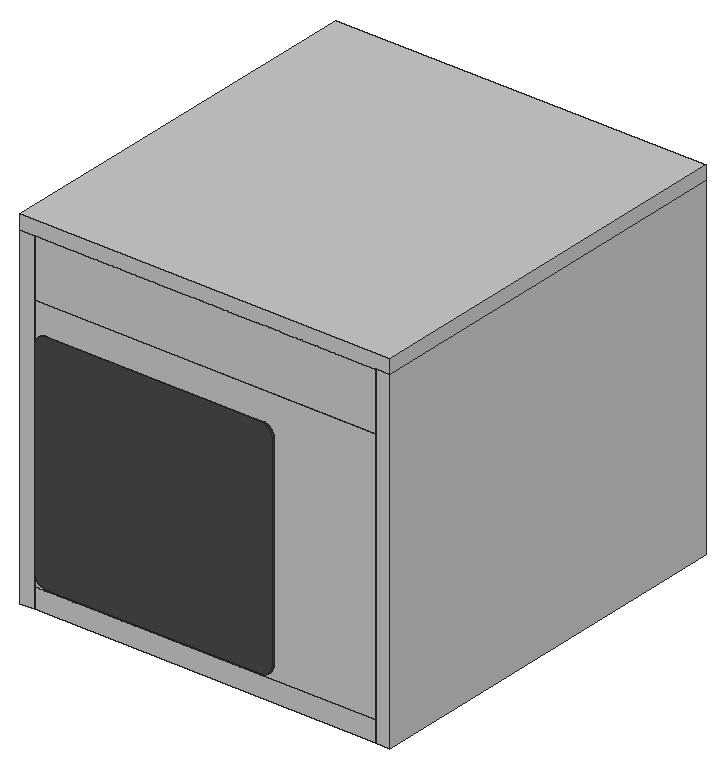
Revit family "QF_ZANUSSI_730289_IGF164I64SNP", category Attrezzature speciali, Revit 2018
Family settings
  Quota connettore circolare = Usa diametro
  Tipo di parte = Normale
  Basato su piano di lavoro = No
  Sempre verticale = Sì
  Taglio con vuoti quando caricato = No
  Condiviso = No
  Punto di calcolo locali = No
Parameters (values of type "Standard")
  Weight = 75.00 kg
  Watts = 0 W
  Volts = 220 V
  URL Manufacturer = "http://www.zanussiprofessional.com"
  URL = "http://www.zanussiprofessional.com"
  Steam Supply Size = 0 mm
  Steam Supply Minimum Pressure = 0.0 Pa
  Steam Supply Maximum Pressure = 0.0 Pa
  Steam Pounds per Hour = 0
  Show Logo [instance] = yes
  Show Clearance [instance] = yes
  Refrigeration Suction Line Size = 0 mm
  Refrigeration Liquid Line Size = 0 mm
  Refrigerant Compressor Remote = yes
  Produttore = "Zanussi"
  Phase = 1
  Modello = "IGF164I64SNP"
  Length Actual = 515 mm  # constant formula
  Item Number = "730289"
  Hot Water Size = 0 mm
  Height Actual = 1460 mm  # constant formula
  HP = "0 HP"
  Gas Size = 0 mm
  Gas KW = 0
  Gas Input Pressure = 0 W
  Descrizione = "AIR COOLED GRANULAR ICE 182KG/24H-BIN 60KG"
  Depth Actual = 550 mm  # constant formula
  Cycle = 50 Hz
  Condensate Return Size = 0 mm
  Compressed Air Volume = 0.0 L/s
  Compressed Air Size = 0 mm
  Compressed Air Pressure = 0.0 Pa
  Cold Water Size = 19.05 mm
  Accessory = yes
Reference planes
  plane 1 "Center X": y = 272.851
  plane 2: z = 0
  plane 3 "Center Y": x = -501.5
  plane 4 "LEFT": x = -759
  plane 5 "BACK": y = 547.851
  plane 6 "RIGHT": x = -244
  plane 7 "FRONT": y = -2.149
  plane 8 "TOP": z = 486
  plane 9: x = -739
  plane 10: x = -264
  plane 11: z = 28
  plane 12: z = 466
  plane 13: z = 386
Forms (mm)
  Extrusion 1, solid, material "QF_Finishes_Stainless Steel"
    sketch origin (0, 0, 0) x (1, 0, 0) y (0, 1, 0)
      loop
        line (-759, 547.851) -> (-759, -2.149) -> (-739, -2.149) -> (-739, 547.851) -> (-759, 547.851)
      loop
        line (-264, 547.851) -> (-264, -2.149) -> (-244, -2.149) -> (-244, 547.851) -> (-264, 547.851)
    from 0 to 466
  Extrusion 2, solid, material "QF_Finishes_Stainless Steel"
    sketch origin (0, 0, 0) x (1, 0, 0) y (0, 1, 0)
      loop
        line (-759, 547.851) -> (-759, -2.149) -> (-244, -2.149) -> (-244, 547.851) -> (-759, 547.851)
    from 466 to 486
  Extrusion 3, solid, material "QF_Finishes_Stainless Steel"
    sketch origin (0, 0, 0) x (1, 0, 0) y (0, 1, 0)
      loop
        line (-739, 547.851) -> (-739, -2.149) -> (-264, -2.149) -> (-264, 547.851) -> (-739, 547.851)
    from 0 to 28
  Extrusion 4, solid, material "QF_Finishes_Black"
    sketch origin (-264, -2.149, 0) x (-1, 0, 0) y (0, 0, -1)
      loop
        arc (457.5, -346) -> (468.107, -341.607) -> (472.5, -331) r 15
        line (472.5, -331) -> (472.5, -46.529)
        arc (472.5, -46.529) -> (468.107, -35.923) -> (457.5, -31.529) r 15
        line (457.5, -31.529) -> (156.771, -31.529)
        arc (156.771, -31.529) -> (146.165, -35.923) -> (141.771, -46.529) r 15
        line (141.771, -46.529) -> (141.771, -331)
        arc (141.771, -331) -> (146.165, -341.607) -> (156.771, -346) r 15
        line (156.771, -346) -> (457.5, -346)
    from 0 to 2
  Extrusion 5, solid, material "QF_Finishes_Stainless Steel"
    sketch origin (0, 0, 358) x (1, 0, 0) y (0, 1, 0)
      loop
        line (-739, 17.851) -> (-739, -2.149) -> (-264, -2.149) -> (-264, 17.851) -> (-739, 17.851)
    from 28 to 108
  Extrusion 6, solid, material "QF_Finishes_Stainless Steel"
    sketch origin (-501.5, 0, 0) x (0, 1, 0) y (0, 0, 1)
      loop
        line (547.851, 28) -> (547.851, 466) -> (17.851, 466) -> (17.851, 386) -> (-2.149, 386) -> (-2.149, 28) -> (547.851, 28)
    from -237.5 to 237.5
  Extrusion 7, solid, material "QF_Finishes_Stainless Steel"
    sketch origin (-530.119, 547.851, 466.153) x (0, 0, -1) y (-1, 0, 0)
      loop
        circle (415.153, -214.119) r 10
    from 0 to 10
  Extrusion 8, solid, material "QF_Finishes_Stainless Steel"
    sketch origin (-560.119, 547.851, 479.153) x (0, 0, -1) y (-1, 0, 0)
      loop
        circle (415.153, -214.119) r 10
    from 0 to 10
  Extrusion 9, solid, material "QF_Finishes_Stainless Steel"
    sketch origin (-570.119, 547.851, 454.153) x (0, 0, -1) y (-1, 0, 0)
      loop
        circle (415.153, -214.119) r 10
    from 0 to 10
Lines and regions (mm)
  Split face 1
    outline origin (-264, -2.149, 358) x (-1, 0, 0) y (0, 0, -1)
      loop
        line (111.166, -89.646) -> (111.166, -44.646) -> (36.166, -44.646) -> (36.166, -89.646) -> (111.166, -89.646)
  Split face 2
    outline origin (-264, -2.149, 358) x (-1, 0, 0) y (0, 0, -1)
      loop
        line (66.801, -84.104) -> (66.801, -49.914) -> (41.176, -49.914) -> (41.176, -84.104) -> (66.801, -84.104)
  symbolic lines
    curve 1: line (-759, 547.851, 0) -> (-244, 547.851, 0)
    curve 2: line (-759, -2.149, 0) -> (-759, 547.851, 0)
    curve 3: line (-244, -2.149, 0) -> (-759, -2.149, 0)
    curve 4: line (-244, 547.851, 0) -> (-244, -2.149, 0)
Dimensions and locks
  equal spacing: plane 4 "LEFT", plane 3 "Center Y", plane 6 "RIGHT"
  plane 4 "LEFT" to plane 6 "RIGHT" = 515 mm
  plane 5 "BACK" to plane 7 "FRONT" = 550 mm
  equal spacing: plane 5 "BACK", plane 1 "Center X", plane 7 "FRONT"
  plane 8 "TOP" to plane 2 = 486 mm
  locked: plane 4 "LEFT" to plane 9 at 20
  locked: plane 10 to plane 6 "RIGHT" at 20
  locked: plane 11 to plane 2 at 28
  locked: plane 8 "TOP" to plane 12 at 20
  locked: plane 12 to plane 13 at 80
  aligned and locked: level to plane 2
  aligned and locked: Extrusion 1 sketch curve to plane 5 "BACK"  (x2)
  aligned and locked: plane 4 "LEFT" to Extrusion 1 sketch curve
  aligned and locked: plane 7 "FRONT" to Extrusion 1 sketch curve  (x2)
  aligned and locked: Extrusion 1 sketch curve to plane 9
  aligned and locked: plane 10 to Extrusion 1 sketch curve
  aligned and locked: Extrusion 1 sketch curve to plane 6 "RIGHT"
  aligned and locked: plane 12 to Extrusion 1
  aligned and locked: Extrusion 2 sketch curve to Extrusion 1  (x4)
  aligned and locked: plane 8 "TOP" to Extrusion 2
  aligned and locked: Extrusion 2 to Extrusion 1
  aligned and locked: Extrusion 3 sketch curve to Extrusion 1  (x4)
  aligned and locked: plane 11 to Extrusion 3
  aligned and locked: Extrusion 6 sketch curve to plane 12
  aligned and locked: Extrusion 6 sketch curve to plane 5 "BACK"
  aligned and locked: plane 11 to Extrusion 6 sketch curve
  aligned and locked: plane 7 "FRONT" to Extrusion 6 sketch curve
  aligned and locked: Extrusion 6 sketch curve to plane 13
  aligned and locked: Extrusion 6 sketch curve to Extrusion 5
  aligned and locked: Extrusion 6 to plane 9
  aligned and locked: plane 10 to Extrusion 6
Automatic sketch dimensions
  curve 3 to plane 4 "LEFT" = 0 mm
  curve 3 to plane 6 "RIGHT" = 0 mm
  curve 3 to plane 7 "FRONT" = 0 mm
  curve 2 to plane 5 "BACK" = 0 mm
  plane 11 to Extrusion 4 sketch curve = 18.529 mm
  plane 3 "Center Y" to Extrusion 4 sketch curve = 95.729 mm
  plane 11 to Extrusion 4 sketch curve = 3.529 mm
  Extrusion 4 sketch curve to Extrusion 4 sketch curve = 15 mm
  plane 9 to Extrusion 4 sketch curve = 17.5 mm  (x2)
  plane 9 to Extrusion 4 sketch curve = 2.5 mm
  Extrusion 4 sketch curve to plane 13 = 55 mm
  Extrusion 5 sketch curve to plane 7 "FRONT" = 0 mm
  Extrusion 5 sketch curve to plane 9 = 0 mm
  Extrusion 5 sketch curve to plane 10 = 0 mm
  plane 7 "FRONT" to Extrusion 5 sketch curve = 20 mm
  Split face 1 sketch curve to Extrusion 5 = 36.166 mm
  Split face 1 sketch curve to Extrusion 5 = 16.646 mm
  Split face 1 sketch curve to Split face 1 sketch curve = 75 mm
  Split face 1 sketch curve to Extrusion 5 = 18.354 mm
  Split face 2 sketch curve to Extrusion 5 = 41.176 mm
  Split face 2 sketch curve to Split face 2 sketch curve = 25.625 mm
  Split face 2 sketch curve to Extrusion 5 = 23.896 mm
  Split face 2 sketch curve to Extrusion 5 = 21.914 mm
  Extrusion 6 to Extrusion 7 sketch curve = 23 mm
  Extrusion 6 to Extrusion 7 sketch curve = 52 mm
  Extrusion 6 to Extrusion 8 sketch curve = 36 mm
  Extrusion 6 to Extrusion 8 sketch curve = 82 mm
  Extrusion 6 to Extrusion 9 sketch curve = 11 mm
  Extrusion 6 to Extrusion 9 sketch curve = 92 mm
  radius of Extrusion 7 sketch curve = 10 mm
  radius of Extrusion 8 sketch curve = 10 mm
  radius of Extrusion 9 sketch curve = 10 mm
Connectors
  electrical at (-346, 557.851, 64), driven by "Volts"
    settings: on Extrusion 8, index 1, voltage 220 V, apparent load 0 VA, apparent load phase1 0 VA, apparent load phase2 0 VA, apparent load phase3 0 VA, power factor 1, load classification "Altro", number of poles 1, system type 30, power factor state 1, is connector primary yes, connector utility no, sub classification motor no, connector description "Electrical Connection"
  piping at (-316, 557.851, 51), diameter 20
    settings: on Extrusion 7, index 2, connector inside diameter 609.6 mm, connector length 0 mm, flow factor 0, pipe flow 0.0 L/s, pressure drop 0.0 Pa, fitting loss kfactor 0, connector angle 0.00°, fixture units 0, engagement length 0 mm, angle of deflection 0.00°, flow configuration 0, flow direction 0, fitting loss method 0, system type 20, joint type 0, gender type 0, connector reference index -1, connector utility 0, adjustable connector no, is connector primary yes, connector description "Cold Water"
  piping at (-356, 557.851, 39), diameter 20
    settings: on Extrusion 9, index 3, connector inside diameter 609.6 mm, connector length 0 mm, flow factor 0, pipe flow 0.0 L/s, pressure drop 0.0 Pa, fitting loss kfactor 0, connector angle 0.00°, fixture units 0, engagement length 0 mm, angle of deflection 0.00°, flow configuration 0, flow direction 0, fitting loss method 0, system type 16, joint type 0, gender type 0, connector reference index -1, connector utility 0, adjustable connector no, is connector primary no, connector description "Drain"
